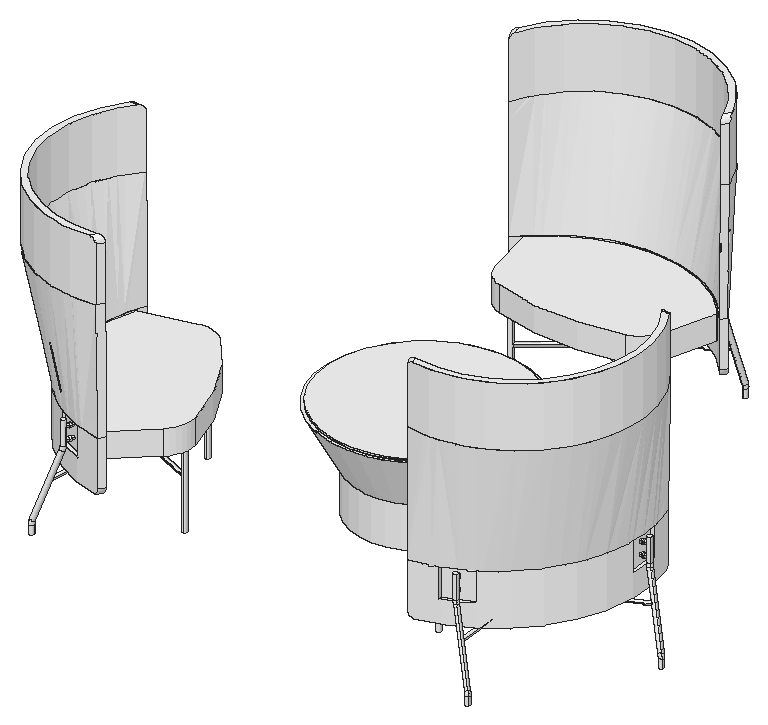
Revit family "TWN-115", category Furniture Systems, Revit 2017
Family settings
  Round Connector Dimension = Use Diameter
  Part Type = Normal
  Work Plane-Based = No
  Always vertical = Yes
  Cut with Voids When Loaded = No
  Shared = No
  Room Calculation Point = No
Reference planes (in)
  plane 1 "Center F/B": y = 0
  plane 2: z = 0
  plane 3 "Center L/R": x = 0
Dimensions and locks (in)
  aligned and locked: level to plane 2
Nested families (in)
  nested 1: "Allsteel - Townhall - Wedge" at (0, 37.76008, 0), type "Single-Tone"
    with Seat Upholstery Allsteel - White, Base Paint Color Allsteel - White, Back Upholstery Allsteel - White
  nested 2: "Allsteel - Gather - Table - Belong" at (0, 0, 0), type "32"D Coffee - Laminate Top"
  nested 3: "Allsteel - Townhall - Wedge" at (-32.70119, -18.88004, 0) x (-0.5, 0.866, 0) z (0, 0, 1), type "Single-Tone"
    with Seat Upholstery Allsteel - White, Base Paint Color Allsteel - White, Back Upholstery Allsteel - White
  nested 4: "Allsteel - Townhall - Wedge" at (32.70119, -18.88004, 0) x (-0.5, -0.866, 0) z (0, 0, 1), type "Single-Tone"
    with Seat Upholstery Allsteel - White, Base Paint Color Allsteel - White, Back Upholstery Allsteel - White
Definition of nested family "Allsteel - Townhall - Wedge"
  Parameters (values of type "Multi-Tone")
    URL = "www.allsteeloffice.com"
    Seat Upholstery [instance] = none
    Model = "ACWEDM"
    Manufacturer = "Allsteel"  # constant formula
    Description = "Allsteel - Townhall - Wedge - Multi-Tone"
    Base Paint Color [instance] = none
    Back Upholstery [instance] = none
  Types (3): name | Model | Description
    (no name) | "ACWEDM" | "Allsteel - Townhall - Wedge - Multi-Tone"
    Multi-Tone | "ACWEDM" | "Allsteel - Townhall - Wedge - Multi-Tone"
    Single-Tone | "ACWEDS" | "Allsteel - Townhall - Wedge - Single-Tone"
  Reference planes (in)
    plane 1 "Center Front/Back": y = 0
    plane 2: z = 0
    plane 3 "Center Left/Right": x = 0
  Forms (in)
    Extrusion 1, solid, material <- "Seat Upholstery"
      sketch origin (0, 0, 0) x (1, 0, 0) y (0, 1, 0)
        loop
          line (-15.86348, 1.97405) -> (-13.87051, -6.01934)
          arc (-13.87051, -6.01934) -> (-12.6051, -8.29399) -> (-10.36782, -9.62437) r 5
          arc (-10.36782, -9.62437) -> (0, -11.04918) -> (10.36782, -9.62437) r 38.43382
          arc (10.36782, -9.62437) -> (12.6051, -8.29399) -> (13.87051, -6.01934) r 5
          line (13.87051, -6.01934) -> (15.86348, 1.97405)
          arc (15.86348, 1.97405) -> (15.86348, 2.09501) -> (15.80669, 2.20181) r 0.25
          arc (15.80669, 2.20181) -> (0, 9.23927) -> (-15.80669, 2.20181) r 21.27028
          arc (-15.80669, 2.20181) -> (-15.86348, 2.09501) -> (-15.86348, 1.97405) r 0.25
      from 13.09867 to 17.13036
    Extrusion 2, solid, material <- "Back Upholstery"
      sketch origin (0, 0, 0) x (1, 0, 0) y (0, 1, 0)
        loop
          arc (-17.48693, 0.61622) -> (0.00022, 9.30177) -> (17.48737, 0.61622) r 21.94675
          line (17.48737, 0.61622) -> (18.49428, 0.93895)
          arc (18.49428, 0.93895) -> (0.00022, 10.30177) -> (-18.49384, 0.93895) r 22.94675
          line (-18.49384, 0.93895) -> (-17.48693, 0.61622)
      from 7.77197 to 17.2308
    Extrusion 3, solid, material <- "Back Upholstery"
      sketch origin (0, 0, 0) x (1, 0, 0) y (0, 1, 0)
        loop
          line (-18.43921, 0.92144) -> (-17.48693, 0.61622)
          arc (-17.48693, 0.61622) -> (0.00022, 13.37481) -> (17.48737, 0.61622) r 18.36339
          line (17.48737, 0.61622) -> (18.43965, 0.92144)
          arc (18.43965, 0.92144) -> (0.00022, 14.37481) -> (-18.43921, 0.92144) r 19.36339
      from 36.88305 to 48.07219
    Blend 4, solid, material <- "Back Upholstery"
      base sketch origin (0, 0, 0) x (1, 0, 0) y (0, 1, 0)
        loop
          arc (-17.48693, 0.61622) -> (0.00022, 9.30177) -> (17.48737, 0.61622) r 21.94675
          line (17.48737, 0.61622) -> (18.49428, 0.93895)
          arc (18.49428, 0.93895) -> (0.00022, 10.30177) -> (-18.49384, 0.93895) r 22.94675
          line (-18.49384, 0.93895) -> (-17.48693, 0.61622)
      top sketch origin (0, 0, 0) x (1, 0, 0) y (0, 1, 0)
        loop
          arc (-17.48693, 0.61622) -> (0.00022, 13.37481) -> (17.48737, 0.61622) r 18.36339
          line (17.48737, 0.61622) -> (18.43965, 0.92144)
          arc (18.43965, 0.92144) -> (0.00022, 14.37481) -> (-18.43921, 0.92144) r 19.36339
          line (-18.43921, 0.92144) -> (-17.48693, 0.61622)
      from 17.231 to 36.88305
    Extrusion 5, solid, material <- "Base Paint Color"
      sketch origin (0, 0, 0) x (1, 0, 0) y (0, 1, 0)
        loop
          circle (-9.72621, -8.13292) r 0.375
      from 0 to 12.94098
    Extrusion 6, solid, material <- "Base Paint Color"
      sketch origin (0, 0, 0) x (1, 0, 0) y (0, 1, 0)
        loop
          arc (-10.08319, -6.63682) -> (-10.20819, -6.67032) -> (-10.2997, -6.76182) r 0.25
          line (-10.2997, -6.76182) -> (-11.01716, -8.00451)
          arc (-11.01716, -8.00451) -> (-11.01716, -8.50451) -> (-10.58415, -8.75451) r 0.5
          line (-10.58415, -8.75451) -> (-8.87761, -8.75451)
          arc (-8.87761, -8.75451) -> (-8.4446, -8.50451) -> (-8.4446, -8.00451) r 0.5
          line (-8.4446, -8.00451) -> (-9.16207, -6.76182)
          arc (-9.16207, -6.76182) -> (-9.25357, -6.67032) -> (-9.37857, -6.63682) r 0.25
          line (-9.37857, -6.63682) -> (-10.08319, -6.63682)
      from 12.94098 to 13.09867
    Sweep 7, solid, material <- "Base Paint Color"
      path in 3D
        loop
          line (-13.29126, 11.12108, 0) -> (-13.29126, 11.12108, 1.38781)
          arc (-13.29126, 11.12108, 1.38781) -> (-13.29126, 11.0907, 1.7351) -> (-13.29126, 11.00047, 2.07185) r 2
          line (-13.29126, 11.00047, 2.07185) -> (-13.29126, 7.13745, 12.68538)
          arc (-13.29126, 7.13745, 12.68538) -> (-13.29126, 7.04722, 13.02213) -> (-13.29126, 7.01684, 13.36943) r 2
          line (-13.29126, 7.01684, 13.36943) -> (-13.29126, 7.01684, 17.02631)
      profile origin (-13.29126, 11.12108, 0.6939) x (0, -1, 0) y (1, 0, 0)
        loop
          circle (0, 0) r 0.375
    Sweep 8, solid, material <- "Base Paint Color"
      path origin (0, 0, 0) x (1, 0, 0) y (0, 1, 0)
        loop
          line (-9.72621, -8.13292) -> (-0.45826, -0.97936)
          arc (-0.45826, -0.97936) -> (0, -0.82307) -> (0.45826, -0.97936) r 0.75
          line (0.45826, -0.97936) -> (9.72621, -8.13292)
      profile origin (0, -0.82307, 0) x (0, 1, 0) y (0, 0, 1)
        loop
          circle (0, 8.10937) r 0.25
    Extrusion 9, solid, material <- "Base Paint Color"
      sketch origin (0, 0, 0) x (-1, 0, 0) y (0, -1, 0)
        loop
          circle (-9.72621, 8.13292) r 0.375
      from 0 to 12.94098
    Extrusion 10, solid, material <- "Base Paint Color"
      sketch origin (0, 0, 0) x (-1, 0, 0) y (0, -1, 0)
        loop
          line (-10.08319, 6.63682) -> (-9.37857, 6.63682)
          arc (-9.37857, 6.63682) -> (-9.25357, 6.67032) -> (-9.16207, 6.76182) r 0.25
          line (-9.16207, 6.76182) -> (-8.4446, 8.00451)
          arc (-8.4446, 8.00451) -> (-8.4446, 8.50451) -> (-8.87761, 8.75451) r 0.5
          line (-8.87761, 8.75451) -> (-10.58415, 8.75451)
          arc (-10.58415, 8.75451) -> (-11.01716, 8.50451) -> (-11.01716, 8.00451) r 0.5
          line (-11.01716, 8.00451) -> (-10.2997, 6.76182)
          arc (-10.2997, 6.76182) -> (-10.20819, 6.67032) -> (-10.08319, 6.63682) r 0.25
      from 12.94098 to 13.09867
    Sweep 11, solid, material <- "Base Paint Color"
      path origin (0, 0, 0) x (1, 0, 0) y (0, 1, 0)
        loop
          line (13.30014, 8.80617) -> (0.42832, -0.14866)
          arc (0.42832, -0.14866) -> (0, -0.28299) -> (-0.42832, -0.14866) r 0.75
          line (-0.42832, -0.14866) -> (-13.30014, 8.80617)
      profile origin (0, -0.28299, 0) x (0, 1, 0) y (0, 0, 1)
        loop
          circle (0, 8.10937) r 0.25
    Extrusion 12, solid, material <- "Base Paint Color"
      sketch origin (5.25633, -3.65679, 0) x (1, 0, 0) y (0, 1, 0)
        loop
          circle (-13.30014, 8.80617) r 0.21875
      from 8 to 12.94098
    Extrusion 13, solid, material <- "Base Paint Color"
      sketch origin (1.66716, -2.99495, 0) x (1, 0, 0) y (0, 1, 0)
        loop
          line (-10.08319, 6.63682) -> (-9.37857, 6.63682)
          arc (-9.37857, 6.63682) -> (-9.25357, 6.67032) -> (-9.16207, 6.76182) r 0.25
          line (-9.16207, 6.76182) -> (-8.4446, 8.00451)
          arc (-8.4446, 8.00451) -> (-8.4446, 8.50451) -> (-8.87761, 8.75451) r 0.5
          line (-8.87761, 8.75451) -> (-10.58415, 8.75451)
          arc (-10.58415, 8.75451) -> (-11.01716, 8.50451) -> (-11.01716, 8.00451) r 0.5
          line (-11.01716, 8.00451) -> (-10.2997, 6.76182)
          arc (-10.2997, 6.76182) -> (-10.20819, 6.67032) -> (-10.08319, 6.63682) r 0.25
      from 12.94098 to 13.09867
    Sweep 14, solid, material <- "Base Paint Color"
      path in 3D
        loop
          line (13.29126, 11.12108, 0) -> (13.29126, 11.12108, 1.38781)
          arc (13.29126, 11.12108, 1.38781) -> (13.29126, 11.0907, 1.7351) -> (13.29126, 11.00047, 2.07185) r 2
          line (13.29126, 11.00047, 2.07185) -> (13.29126, 7.13745, 12.68538)
          arc (13.29126, 7.13745, 12.68538) -> (13.29126, 7.04722, 13.02213) -> (13.29126, 7.01684, 13.36943) r 2
          line (13.29126, 7.01684, 13.36943) -> (13.29126, 7.01684, 17.02631)
      profile origin (13.29126, 11.12108, 0.6939) x (0, 1, 0) y (-1, 0, 0)
        loop
          circle (0, 0) r 0.375
    Extrusion 15, solid, material <- "Base Paint Color"
      sketch origin (-5.25633, -3.65679, 0) x (-1, 0, 0) y (0, -1, 0)
        loop
          circle (-13.30014, -8.80617) r 0.21875
      from 8 to 12.94098
    Extrusion 16, solid, material <- "Base Paint Color"
      sketch origin (-1.66716, -2.99495, 0) x (-1, 0, 0) y (0, -1, 0)
        loop
          arc (-10.08319, -6.63682) -> (-10.20819, -6.67032) -> (-10.2997, -6.76182) r 0.25
          line (-10.2997, -6.76182) -> (-11.01716, -8.00451)
          arc (-11.01716, -8.00451) -> (-11.01716, -8.50451) -> (-10.58415, -8.75451) r 0.5
          line (-10.58415, -8.75451) -> (-8.87761, -8.75451)
          arc (-8.87761, -8.75451) -> (-8.4446, -8.50451) -> (-8.4446, -8.00451) r 0.5
          line (-8.4446, -8.00451) -> (-9.16207, -6.76182)
          arc (-9.16207, -6.76182) -> (-9.25357, -6.67032) -> (-9.37857, -6.63682) r 0.25
          line (-9.37857, -6.63682) -> (-10.08319, -6.63682)
      from 12.94098 to 13.09867
    Blend 17, void
      base sketch origin (0, 0, 0) x (1, 0, 0) y (0, 0, 1)
        loop
          line (0, 46.77167) -> (15.48693, 46.77167)
          arc (15.48693, 46.77167) -> (16.19404, 46.47877) -> (16.48693, 45.77167) r 1
          line (16.48693, 45.77167) -> (16.48737, 9.83001)
          arc (16.48737, 9.83001) -> (16.19447, 9.12291) -> (15.48737, 8.83001) r 1
          line (15.48737, 8.83001) -> (0.00022, 8.83001) -> (0.00022, 4.83001) -> (24.00022, 4.83001) -> (24.00022, 50.77167) -> (0, 50.77167) -> (0, 46.77167)
      top sketch origin (0, 0, 0) x (1, 0, 0) y (0, 0, 1)
        loop
          line (0, 46.77167) -> (28.48693, 46.77167)
          arc (28.48693, 46.77167) -> (29.19404, 46.47877) -> (29.48693, 45.77167) r 1
          line (29.48693, 45.77167) -> (29.48737, 9.83001)
          arc (29.48737, 9.83001) -> (29.19447, 9.12291) -> (28.48737, 8.83001) r 1
          line (28.48737, 8.83001) -> (0.00022, 8.83001) -> (0.00022, 4.83001) -> (36, 4.83001) -> (36, 50.77167) -> (0, 50.77167) -> (0, 46.77167)
      from 0.49302 to -21.66712
    Blend 18, void
      base sketch origin (0, 0, 0) x (-1, 0, 0) y (0, 0, -1)
        loop
          line (0, -46.77167) -> (0, -50.77167) -> (24.00022, -50.77167) -> (24.00022, -4.83001) -> (0.00022, -4.83001) -> (0.00022, -8.83001) -> (15.48737, -8.83001)
          arc (15.48737, -8.83001) -> (16.19447, -9.12291) -> (16.48737, -9.83001) r 1
          line (16.48737, -9.83001) -> (16.48693, -45.77167)
          arc (16.48693, -45.77167) -> (16.19404, -46.47877) -> (15.48693, -46.77167) r 1
          line (15.48693, -46.77167) -> (0, -46.77167)
      top sketch origin (0, 0, 0) x (-1, 0, 0) y (0, 0, -1)
        loop
          line (0, -46.77167) -> (0, -50.77167) -> (36, -50.77167) -> (36, -4.83001) -> (0.00022, -4.83001) -> (0.00022, -8.83001) -> (28.48737, -8.83001)
          arc (28.48737, -8.83001) -> (29.19447, -9.12291) -> (29.48737, -9.83001) r 1
          line (29.48737, -9.83001) -> (29.48693, -45.77167)
          arc (29.48693, -45.77167) -> (29.19404, -46.47877) -> (28.48693, -46.77167) r 1
          line (28.48693, -46.77167) -> (0, -46.77167)
      from 0.49302 to -21.66712
    Extrusion 19, solid, material <- "Base Paint Color"
      sketch origin (6.5868, 19.45213, 0) x (0.809017, -0.587785, 0) y (0, 0, 1)
        loop
          circle (12.74288, 14.0306) r 0.3125
      from 6.96224 to 7.1641
    Extrusion 20, solid, material <- "Base Paint Color"
      sketch origin (6.01858, 19.86496, 0.00141) x (0.809017, -0.587785, 0) y (0, 0, 1)
        loop
          circle (13.44412, 14.02534) r 0.1875
      from 5.9141 to 7.62184
    Extrusion 21, solid, material <- "Base Paint Color"
      sketch origin (6.5868, 19.45213, 1.99397) x (0.809017, -0.587785, 0) y (0, 0, 1)
        loop
          circle (12.74288, 14.0306) r 0.3125
      from 6.96224 to 7.1641
    Extrusion 22, solid, material <- "Base Paint Color"
      sketch origin (6.01858, 19.86496, 1.99538) x (0.809017, -0.587785, 0) y (0, 0, 1)
        loop
          circle (13.44412, 14.02534) r 0.1875
      from 5.9141 to 7.62184
    Extrusion 23, void
      sketch origin (10.83414, 16.36625, 1.74397) x (0.809017, -0.587785, 0) y (0, 0, 1)
        loop
          line (4.9795, 15.48683) -> (4.9795, 10.74069) -> (9.93612, 10.74069) -> (9.93612, 15.48683) -> (4.9795, 15.48683)
      from 5.9141 to 7.62184
    Extrusion 24, solid, material <- "Base Paint Color"
      sketch origin (-6.5868, 19.45213, 0) x (-0.809017, -0.587785, 0) y (0, 0, -1)
        loop
          circle (12.74288, -14.0306) r 0.3125
      from 6.96224 to 7.1641
    Extrusion 25, solid, material <- "Base Paint Color"
      sketch origin (-6.01858, 19.86496, 0.00141) x (-0.809017, -0.587785, 0) y (0, 0, -1)
        loop
          circle (13.44412, -14.02534) r 0.1875
      from 5.9141 to 7.62184
    Extrusion 26, solid, material <- "Base Paint Color"
      sketch origin (-6.5868, 19.45213, 1.99397) x (-0.809017, -0.587785, 0) y (0, 0, -1)
        loop
          circle (12.74288, -14.0306) r 0.3125
      from 6.96224 to 7.1641
    Extrusion 27, solid, material <- "Base Paint Color"
      sketch origin (-6.01858, 19.86496, 1.99538) x (-0.809017, -0.587785, 0) y (0, 0, -1)
        loop
          circle (13.44412, -14.02534) r 0.1875
      from 5.9141 to 7.62184
    Extrusion 28, void
      sketch origin (-10.83414, 16.36625, 1.74397) x (-0.809017, -0.587785, 0) y (0, 0, -1)
        loop
          line (4.9795, -15.48683) -> (9.93612, -15.48683) -> (9.93612, -10.74069) -> (4.9795, -10.74069) -> (4.9795, -15.48683)
      from 5.9141 to 7.62184
  Cuts and joins
    Blend 17 cuts Extrusion 1
    Blend 17, Blend 18, Extrusion 23, Extrusion 28 cuts Extrusion 2
    Blend 17, Blend 18 cuts Extrusion 3
    Blend 17, Blend 18, Extrusion 23, Extrusion 28 cuts Blend 4
    Blend 18, Extrusion 28 cuts Sweep 14
    Extrusion 28 cuts Extrusion 19
    Extrusion 28 cuts Extrusion 20
    Extrusion 28 cuts Extrusion 21
    Extrusion 28 cuts Extrusion 22
    joined: Sweep 14, Extrusion 19, Extrusion 20, Extrusion 21, Extrusion 22
    Blend 17, Blend 18 cuts Extrusion 5
    Blend 17, Blend 18 cuts Extrusion 6
    Blend 17 cuts Sweep 7
    Blend 18 cuts Sweep 8
    Blend 18 cuts Extrusion 9
    Blend 17, Blend 18 cuts Extrusion 10
    Blend 17 cuts Extrusion 12
    Blend 17, Blend 18 cuts Extrusion 13
    Blend 18 cuts Extrusion 15
    Blend 17, Blend 18 cuts Extrusion 16
    joined: Extrusion 5, Extrusion 6, Sweep 7, Sweep 8, Extrusion 9, Extrusion 10, Sweep 11, Extrusion 12, Extrusion 13, Extrusion 15, Extrusion 16, Extrusion 24, Extrusion 25, Extrusion 26, Extrusion 27
  Lines and regions (in)
    sketch lines
      curve 1: line (-13.29126, 11.12108, 0) -> (-13.29126, 11.12108, 1.38781)
      curve 2: arc (-13.29126, 11.12108, 1.38781) -> (-13.29126, 11.0907, 1.7351) -> (-13.29126, 11.00047, 2.07185) r 2
      curve 3: line (-13.29126, 11.00047, 2.07185) -> (-13.29126, 7.13745, 12.68538)
      curve 4: arc (-13.29126, 7.01684, 13.36943) -> (-13.29126, 7.04722, 13.02213) -> (-13.29126, 7.13745, 12.68538) r 2
      curve 5: line (-13.29126, 7.01684, 17.02631) -> (-13.29126, 7.01684, 13.36943)
      curve 6: line (13.29126, 11.12108, 0) -> (13.29126, 11.12108, 1.38781)
      curve 7: arc (13.29126, 11.12108, 1.38781) -> (13.29126, 11.0907, 1.7351) -> (13.29126, 11.00047, 2.07185) r 2
      curve 8: line (13.29126, 11.00047, 2.07185) -> (13.29126, 7.13745, 12.68538)
      curve 9: arc (13.29126, 7.01684, 13.36943) -> (13.29126, 7.04722, 13.02213) -> (13.29126, 7.13745, 12.68538) r 2
      curve 10: line (13.29126, 7.01684, 17.02631) -> (13.29126, 7.01684, 13.36943)
  Dimensions and locks (in)
    aligned and locked: level to plane 2
Definition of nested family "Allsteel - Gather - Table - Belong"
  Parameters (values of type "32"D Coffee - Veneer Top")
    URL = "www.allsteeloffice.com"
    Type Comments = "Coffee Table"
    Top Radius = 1' - 4"
    Table Material = none
    Radius of Top = Top Radius - 0' 0 1/2"  # 1' - 3 1/2"
    Pan Color = none
    Model = "Specify base and top separately."
    Manufacturer = "Allsteel"
    Keynote = "125000"
    Height = 1' - 4"
    Description = "Allsteel Belong Veneer Top Coffee Table"
    Bottom Radius = 0' - 11"
    Base Material = none
    Assembly Code = "E2020"
  Types (6): name | Type Comments | Top Radius | Radius of Top | Height | Description | Bottom Radius
    32"D Coffee - Laminate Top | "Coffee Table" | 1' - 4" | 1' - 3 1/2" | 1' - 4" | "Allsteel Belong Laminate Top Coffee Table" | 0' - 11"
    16"D Side - Laminate Top | "" | 0' - 8" | 0' - 7 1/2" | 1' - 9" | "Allsteel Belong Laminate Top Side Table" | 0' - 6"
    32"D Coffee - Veneer Top | "Coffee Table" | 1' - 4" | 1' - 3 1/2" | 1' - 4" | "Allsteel Belong Veneer Top Coffee Table" | 0' - 11"
    16"D Side - Veneer Top | "" | 0' - 8" | 0' - 7 1/2" | 1' - 9" | "Allsteel Belong Veneer Top Side Table" | 0' - 6"
    16"D Side - Glass Top w/ Painted Pan | "" | 0' - 8" | 0' - 7 1/2" | 1' - 9" | "Allsteel Belong Glass Top Side Table with Painted Pan" | 0' - 6"
    32"D Coffee - Glass Top w/ Painted Pan | "Coffee Table" | 1' - 4" | 1' - 3 1/2" | 1' - 4" | "Allsteel Belong Glass Top Coffee Table with Painted Pan" | 0' - 11"
  Reference planes (in)
    plane 1 "Center Front/Back": y = 0
    plane 2: z = 0
    plane 3 "Center Left/Right": x = 0
    plane 4: z = 16
    plane 5: z = 7
    plane 6: z = 0.25
    plane 7: x = -16
    plane 8: x = -11
    plane 9: z = 16.125
  Forms (in)
    Revolve 1, solid, material <- "Base Material"
      sketch origin (0, 0, 0) x (1, 0, 0) y (0, 0, 1)
        loop
          line (-16, 16) -> (-11, 7) -> (-11, 0.25) -> (0, 0.25) -> (0, 0.75) -> (-10.5, 0.75) -> (-10.5, 7.03553) -> (-15.49492, 16) -> (-16, 16)
        axis (0, 16) -> (0, 0.25)
      angle from 0 to 360
  Dimensions and locks (in)
    "Height": plane 4 to level
    locked: plane 5 to level at 7
    plane 6 to level = 0' - 0 1/4"
    "Top Radius": plane 3 "Center Left/Right" to plane 7
    "Bottom Radius": plane 3 "Center Left/Right" to plane 8
    locked: plane 9 to plane 4 at 0.125
    aligned and locked: level to plane 2
    aligned and locked: Revolve 1 sketch curve to plane 4
    aligned and locked: plane 8 to Revolve 1 sketch curve
  Automatic sketch dimensions
    Revolve 1 sketch curve to plane 7 = 0' - 0"
    Revolve 1 sketch curve to plane 3 "Center Left/Right" = 0' - 0"  (x2)
    Revolve 1 sketch curve to plane 6 = 0' - 0"
    Revolve 1 sketch curve to plane 5 = 0' - 0"
    plane 7 to Revolve 1 sketch curve = 0' - 0.50508"
    plane 8 to Revolve 1 sketch curve = 0' - 0 1/2"
    plane 6 to Revolve 1 sketch curve = 0' - 0 1/2"
    plane 5 to Revolve 1 sketch curve = 0' - 0.03553"
    Revolve 1 sketch curve to level = 2' - 0"
    plane 9 to Revolve 1 sketch curve = 6' - 7.20684"
  Nested families (in)
    nested 1: "Round Table Top" at (0, 0, 0), type "Round Table Top"
  Definition of nested family "Round Table Top"
    Parameters
      URL = "www.allsteeloffice.com"
      Type Comments = "Table Top"
      Radius = 1' - 3 1/2"
      Pan Color = none
      Material = none
      Manufacturer = "Allsteel"
      Keynote = "125000"
      Height = 1' - 4"
      Description = "Glass Top"
      Assembly Code = "E20"
    Reference planes (in)
      plane 1 "Center Front/Back": y = 0
      plane 2: z = 0
      plane 3 "Center Left/Right": x = 0
      plane 4: z = 16
      plane 5: z = 16.25
      plane 6: z = 15.75
    Forms (in)
      Extrusion 1, solid, material <- "Material"
        sketch origin (0, 0, 0) x (1, 0, 0) y (0, 1, 0)
          loop
            circle (0, 0) r 15.5
        from 16 to 16.25
      Extrusion 2, solid, material <- "Pan Color"
        sketch origin (0.00035, 0, -0.25) x (1, 0, 0) y (0, 1, 0)
          loop
            circle (0, 0) r 15.5
        from 16 to 16.25
    Dimensions and locks (in)
      locked: plane 5 to plane 4 at 0.25
      "Height": plane 4 to level
      locked: plane 4 to plane 6 at 0.25
      "Radius": radius of Extrusion 1 sketch curve
      "Radius": radius of Extrusion 2 sketch curve
      aligned and locked: level to plane 2
      aligned and locked: Extrusion 1 to plane 4
      aligned and locked: plane 5 to Extrusion 1
      aligned and locked: plane 4 to Extrusion 2
      aligned and locked: Extrusion 2 to plane 6
    Automatic sketch dimensions
      plane 1 "Center Front/Back" to Extrusion 1 sketch curve = 0' - 0"
      Extrusion 1 sketch curve to plane 3 "Center Left/Right" = 0' - 0"
      plane 1 "Center Front/Back" to Extrusion 2 sketch curve = 0' - 0"
      plane 3 "Center Left/Right" to Extrusion 2 sketch curve = 0' - 0.00035"
